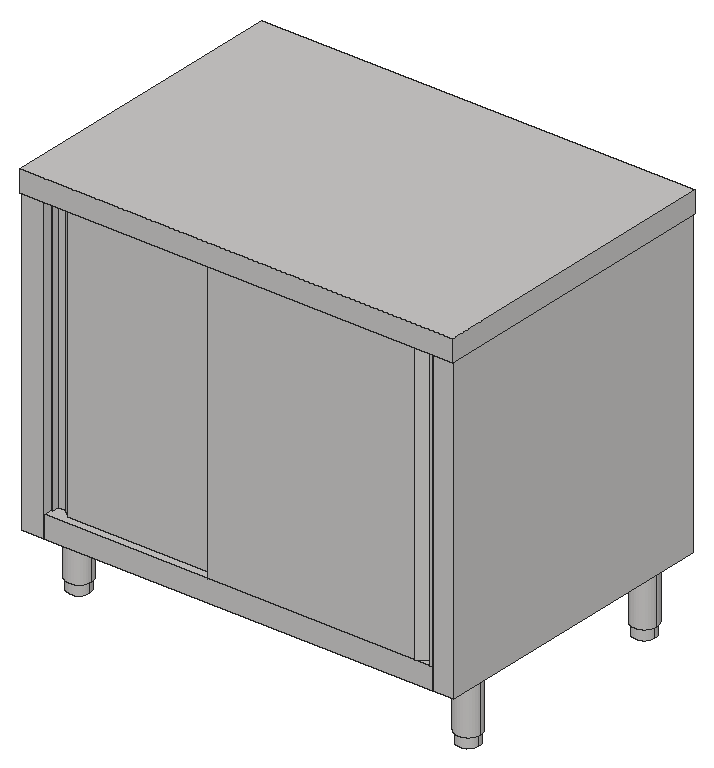
Revit family "QF_ELECTROLUXPROFESSIONAL_133245_MTND1000PN", category Attrezzature speciali, Revit 2020
Family settings
  Quota connettore circolare = Usa diametro
  Tipo di parte = Normale
  Basato su piano di lavoro = No
  Sempre verticale = Sì
  Taglio con vuoti quando caricato = No
  Condiviso = No
  Punto di calcolo locali = No
Parameters (values of type "Standard")
  Weight = 50.00 kg
  Watts = 0 W
  Volts = 0 V
  URL Manufacturer = "https://www.electroluxprofessional.com/"
  URL = "https://www.electroluxprofessional.com/"
  Steam Supply Size = 0 mm
  Steam Supply Minimum Pressure = 0.0 Pa
  Steam Supply Maximum Pressure = 0.0 Pa
  Steam Consumption per Hour = 0
  Refrigeration Suction Line Size = 0.0 mm
  Refrigeration Liquid Line Size = 0.0 mm
  Refrigerant Compressor Remote = yes
  Prospetto di default = 0.0 mm
  Produttore = "Electrolux Professional"
  Phase = 0
  Modello = "MTND1000PN"
  Length Actual = 1000.0 mm  # constant formula
  Item Number = "133245"
  Hot Water Size = 0 mm
  Height Actual = 900.0 mm  # constant formula
  HP = "0 HP"
  Gas Size = 0 mm
  Gas KW = 0
  Gas Input Pressure = 0 W
  Direct Waste Size = 0 mm
  Descrizione = "WORKTOP CUPB.PASSTH+SHELF+SLIDING D.1000"
  Depth Actual = 700.0 mm  # constant formula
  Cycle = 0 Hz
  Condensate Return Size = 0 mm
  Compressed Air Volume = 0.0 L/s
  Compressed Air Size = 0 mm
  Compressed Air Pressure = 0.0 Pa
  Cold Water Size = 0 mm
  Accessory = yes
Reference planes
  plane 1 "Center (Front/Back)": y = 0
  plane 2: z = 0
  plane 3 "Center (Left/Right)": x = 0
  plane 4 "LEFT": x = -500
  plane 5 "RIGHT": x = 500
  plane 6 "BACK": y = 350
  plane 7 "FRONT": y = -350
  plane 8 "Base": z = 850
  plane 9 "TOP": z = 900
  plane 10: x = -450
  plane 11: x = 450
  plane 12: y = 267
  plane 13: y = -241.9
  plane 14 "BodyLeft": x = -499
  plane 15 "BodyFront": y = -344.5
  plane 16 "BodyRight": x = 499
  plane 17 "BodyBack": y = 344.5
  plane 18 "FEET": z = 150
  plane 19: x = -70
  plane 20: x = 70
Forms (mm)
  Extrusion 1, solid, material "QF_Finishes_Stainless Steel"
    sketch origin (0, 0, 0) x (0, 1, 0) y (0, 0, 1)
      loop
        line (-350, 850) -> (350, 850) -> (350, 900) -> (-350, 900) -> (-350, 850)
    from 500 to -500
  Extrusion 2, solid, material "QF_Finishes_Stainless Steel"
    sketch origin (0, 0, 150) x (-1, 0, 0) y (0, -1, 0)
      loop
        line (499, -344.5) -> (499, 344.5) -> (449, 344.5) -> (449, -344.5) -> (499, -344.5)
      loop
        line (-449, -344.5) -> (-449, 344.5) -> (-499, 344.5) -> (-499, -344.5) -> (-449, -344.5)
    from 0 to 700
  Extrusion 3, solid, material "QF_Finishes_Stainless Steel"
    sketch origin (0, 0, 150) x (-1, 0, 0) y (0, -1, 0)
      loop
        line (449, -344.5) -> (449, 344.5) -> (-449, 344.5) -> (-449, -344.5) -> (449, -344.5)
    from 0 to 50
  Extrusion 4, solid, material "QF_Finishes_Stainless Steel"
    sketch origin (0, 0, 150) x (-1, 0, 0) y (0, -1, 0)
      loop
        line (-449, 344.5) -> (-449, 324.5) -> (70, 324.5) -> (70, 344.5) -> (-409, 344.5) -> (-429, 329.5) -> (-444, 329.5) -> (-444, 344.5) -> (-449, 344.5)
    from 50 to 700
  Extrusion 5, solid, material "QF_Finishes_Stainless Steel"
    sketch origin (0, 20, 150) x (1, 0, 0) y (0, 1, 0)
      loop
        line (-449, -344.5) -> (-444, -344.5) -> (-444, -329.5) -> (-429, -329.5) -> (-409, -344.5) -> (70, -344.5) -> (70, -324.5) -> (-449, -324.5) -> (-449, -344.5)
    from 50 to 700
  Extrusion 6, solid, material "QF_Finishes_Stainless Steel"
    sketch origin (0, 0, 150) x (-1, 0, 0) y (0, -1, 0)
      loop
        line (-447.6, -344.5) -> (-442.6, -344.5) -> (-442.6, -329.5) -> (-427.6, -329.5) -> (-407.6, -344.5) -> (-70, -344.5) -> (-70, -324.5) -> (-447.6, -324.5) -> (-447.6, -344.5)
    from 50 to 700
  Extrusion 7, solid, material "QF_Finishes_Stainless Steel"
    sketch origin (0, -20, 150) x (1, 0, 0) y (0, 1, 0)
      loop
        line (-447.6, 344.5) -> (-447.6, 324.5) -> (-70, 324.5) -> (-70, 344.5) -> (-407.6, 344.5) -> (-427.6, 329.5) -> (-442.6, 329.5) -> (-442.6, 344.5) -> (-447.6, 344.5)
    from 50 to 700
  Extrusion 8, solid, material "QF_Finishes_Stainless Steel"
    sketch origin (0, 0, 0) x (1, 0, 0) y (0, 1, 0)
      loop
        line (-449, -304.5) -> (449, -304.5) -> (449, 304.5) -> (-449, 304.5) -> (-449, -304.5)
    from 500 to 540
Lines and regions (mm)
  symbolic lines
    curve 1: line (500, 350, 900) -> (-500, 350, 900)
    curve 2: line (-500, 350, 900) -> (-500, -350, 900)
    curve 3: line (-500, -350, 900) -> (500, -350, 900)
    curve 4: line (500, -350, 900) -> (500, 350, 900)
  symbolic lines, style "SpecialityEquipmentHiddenLines"
    curve 5: line (-499, 344.5, 150) -> (499, 344.5, 150)
    curve 6: line (-499, -344.5, 150) -> (-499, 344.5, 150)
    curve 7: line (499, -344.5, 150) -> (-499, -344.5, 150)
    curve 8: line (499, 344.5, 150) -> (499, -344.5, 150)
    curve 9: line (-449, -304.5, 150) -> (70, -304.5, 150)
    curve 10: line (70, -304.5, 150) -> (70, -324.5, 150)
    curve 11: line (-449, -324.5, 150) -> (449, -324.5, 150)
    curve 12: line (449, -324.5, 150) -> (449, -344.5, 150)
    curve 13: line (-70, -324.5, 150) -> (-70, -344.5, 150)
    curve 14: line (-449, -304.5, 150) -> (-449, -324.5, 150)
Dimensions and locks
  plane 4 "LEFT" to plane 5 "RIGHT" = 1000.0 mm
  equal spacing: plane 4 "LEFT", plane 3 "Center (Left/Right)", plane 5 "RIGHT"
  locked: plane 8 "Base" to level at 850
  plane 9 "TOP" to level = 900.0 mm
  plane 6 "BACK" to plane 7 "FRONT" = 700.0 mm
  equal spacing: plane 6 "BACK", plane 1 "Center (Front/Back)", plane 7 "FRONT"
  locked: plane 4 "LEFT" to plane 14 "BodyLeft" at 1
  locked: plane 16 "BodyRight" to plane 5 "RIGHT" at 1
  locked: plane 15 "BodyFront" to plane 7 "FRONT" at 5.5
  locked: plane 6 "BACK" to plane 17 "BodyBack" at 5.5
  locked: plane 14 "BodyLeft" to plane 10 at 49
  locked: plane 11 to plane 16 "BodyRight" at 49
  locked: plane 13 to plane 15 "BodyFront" at 102.6
  locked: plane 17 "BodyBack" to plane 12 at 77.5
  plane 10 to plane 11 = 900.0 mm
  plane 12 to plane 13 = 508.9 mm
  locked: plane 14 "BodyLeft" to Extrusion 2 sketch curve at 50
  locked: Extrusion 2 sketch curve to Extrusion 2 sketch curve at 50
  locked: plane 3 "Center (Left/Right)" to plane 20 at 70
  locked: plane 19 to plane 3 "Center (Left/Right)" at 70
  locked: plane 18 "FEET" to level at 150
  aligned and locked: level to plane 2
  aligned and locked: plane 10 to nested 1
  aligned and locked: nested 1 to plane 13
  aligned and locked: plane 11 to nested 2
  aligned and locked: nested 2 to plane 13
  aligned and locked: plane 11 to nested 4
  aligned and locked: nested 4 to plane 12
  aligned and locked: plane 10 to nested 3
  aligned and locked: nested 3 to plane 12
  aligned and locked: Extrusion 1 to plane 4 "LEFT"
  aligned and locked: plane 5 "RIGHT" to Extrusion 1
  aligned and locked: curve 2 to plane 4 "LEFT"
  aligned and locked: plane 17 "BodyBack" to Extrusion 2 sketch curve
  aligned and locked: Extrusion 2 sketch curve to plane 15 "BodyFront"
  aligned and locked: Extrusion 2 sketch curve to plane 14 "BodyLeft"
  aligned and locked: plane 16 "BodyRight" to Extrusion 2 sketch curve
  aligned and locked: Extrusion 2 sketch curve to plane 17 "BodyBack"
  aligned and locked: plane 15 "BodyFront" to Extrusion 2 sketch curve
  aligned and locked: Extrusion 3 sketch curve to plane 17 "BodyBack"
  aligned and locked: plane 15 "BodyFront" to Extrusion 3 sketch curve
  aligned and locked: plane 8 "Base" to Extrusion 2
  aligned and locked: plane 8 "Base" to Extrusion 4
  aligned and locked: Extrusion 4 to Extrusion 3
  aligned and locked: Extrusion 1 to plane 8 "Base"
  aligned and locked: plane 9 "TOP" to Extrusion 1
  aligned and locked: curve 5 to plane 17 "BodyBack"
  aligned and locked: plane 14 "BodyLeft" to curve 6
  aligned and locked: plane 15 "BodyFront" to curve 7
  aligned and locked: plane 16 "BodyRight" to curve 8
  aligned and locked: Extrusion 3 to Extrusion 2  (x2)
  aligned and locked: Extrusion 8 sketch curve to Extrusion 7
  aligned and locked: Extrusion 8 sketch curve to Extrusion 2  (x2)
  aligned and locked: Extrusion 8 sketch curve to Extrusion 5
  aligned and locked: Extrusion 4 sketch curve to plane 19
  aligned and locked: Extrusion 5 sketch curve to plane 20
Automatic sketch dimensions
  curve 3 to plane 7 "FRONT" = 0.0 mm
  curve 4 to plane 6 "BACK" = 0.0 mm
  Extrusion 1 sketch curve to plane 7 "FRONT" = 0.0 mm
  Extrusion 1 sketch curve to plane 6 "BACK" = 0.0 mm
  Extrusion 1 sketch curve to plane 8 "Base" = 0.0 mm
  Extrusion 1 sketch curve to plane 9 "TOP" = 0.0 mm
  Extrusion 3 sketch curve to plane 11 = 1.0 mm
  plane 10 to Extrusion 3 sketch curve = 1.0 mm
  Extrusion 4 sketch curve to plane 15 "BodyFront" = 0.0 mm  (x2)
  Extrusion 4 sketch curve to plane 11 = 41.0 mm
  Extrusion 4 sketch curve to plane 11 = 21.0 mm
  Extrusion 4 sketch curve to plane 11 = 6.0 mm
  Extrusion 4 sketch curve to plane 11 = 1.0 mm
  plane 15 "BodyFront" to Extrusion 4 sketch curve = 15.0 mm
  plane 15 "BodyFront" to Extrusion 4 sketch curve = 20.0 mm
  Extrusion 5 sketch curve to plane 15 "BodyFront" = 20.0 mm  (x2)
  Extrusion 5 sketch curve to plane 10 = 41.0 mm
  Extrusion 5 sketch curve to plane 10 = 21.0 mm
  Extrusion 5 sketch curve to plane 10 = 6.0 mm
  Extrusion 5 sketch curve to plane 10 = 1.0 mm
  Extrusion 5 sketch curve to Extrusion 5 sketch curve = 15.0 mm
  Extrusion 5 sketch curve to Extrusion 5 sketch curve = 20.0 mm
  plane 19 to curve 10 = 140.0 mm
  curve 13 to plane 20 = 140.0 mm
  curve 11 to plane 11 = 1.0 mm
  plane 10 to curve 11 = 1.0 mm
  plane 15 "BodyFront" to curve 9 = 40.0 mm
  curve 12 to curve 12 = 20.0 mm
  Extrusion 6 sketch curve to plane 17 "BodyBack" = 0.0 mm  (x2)
  Extrusion 6 sketch curve to plane 20 = 0.0 mm
  plane 11 to Extrusion 6 sketch curve = 42.4 mm
  plane 11 to Extrusion 6 sketch curve = 22.4 mm
  plane 11 to Extrusion 6 sketch curve = 7.4 mm
  plane 11 to Extrusion 6 sketch curve = 2.4 mm
  plane 17 "BodyBack" to Extrusion 6 sketch curve = 15.0 mm
  plane 17 "BodyBack" to Extrusion 6 sketch curve = 20.0 mm
  Extrusion 7 sketch curve to plane 19 = 0.0 mm
  Extrusion 7 sketch curve to plane 17 "BodyBack" = 20.0 mm  (x2)
  plane 10 to Extrusion 7 sketch curve = 42.4 mm
  plane 10 to Extrusion 7 sketch curve = 22.4 mm
  plane 10 to Extrusion 7 sketch curve = 7.4 mm
  plane 10 to Extrusion 7 sketch curve = 2.4 mm
  Extrusion 7 sketch curve to Extrusion 7 sketch curve = 15.0 mm
  Extrusion 7 sketch curve to Extrusion 7 sketch curve = 20.0 mm
  curve 4 to plane 5 "RIGHT" = 0.0 mm
Nested families
  nested 1: "FEET_D58-150" at (-450, -241.9, 0), type "FEET_D58-150"
  nested 2: "FEET_D58-150" at (450, -241.9, 0), type "FEET_D58-150"
  nested 3: "FEET_D58-150" at (-450, 267, 0), type "FEET_D58-150"
  nested 4: "FEET_D58-150" at (450, 267, 0), type "FEET_D58-150"
Definition of nested family "FEET_D58-150"
  Parameters
    Default Elevation = 0.0 mm
    FEET = 150.0 mm
  Reference planes
    plane 1 "Center (Front/Back)": y = 0
    plane 2: z = 0
    plane 3 "Center (Left/Right)": x = 0
    plane 4: z = 150
  Forms (mm)
    Extrusion 1, solid
      sketch origin (0, 0, 0) x (1, 0, 0) y (0, 1, 0)
        loop
          circle (0, 0) r 25
      from 0 to 25
    Extrusion 2, solid
      sketch origin (0, 0, 0) x (1, 0, 0) y (0, 1, 0)
        loop
          circle (0.061, 0) r 29
      from 25 to 150 <- "FEET"
  Lines and regions (mm)
    symbolic lines
      curve 1: line (0, -1.503, 0) -> (0, 1.508, 0)
      curve 2: line (1.561, 0, 0) -> (-1.439, 0, 0)
  Dimensions and locks
    "FEET": plane 4 to plane 2
    aligned and locked: level to plane 2
  Automatic sketch dimensions
    plane 1 "Center (Front/Back)" to Extrusion 1 sketch curve = 0.0 mm
    Extrusion 1 sketch curve to plane 3 "Center (Left/Right)" = 0.0 mm
    plane 1 "Center (Front/Back)" to curve 2 = 0.0 mm
    curve 1 to plane 3 "Center (Left/Right)" = 0.0 mm
    curve 2 to plane 3 "Center (Left/Right)" = 1.439 mm
    plane 3 "Center (Left/Right)" to curve 2 = 1.561 mm
    plane 1 "Center (Front/Back)" to curve 1 = 1.503 mm
    curve 1 to plane 1 "Center (Front/Back)" = 1.508 mm
    plane 1 "Center (Front/Back)" to Extrusion 2 sketch curve = 0.0 mm
    plane 3 "Center (Left/Right)" to Extrusion 2 sketch curve = 0.061 mm
    radius of Extrusion 1 sketch curve = 25.0 mm
    radius of Extrusion 2 sketch curve = 29.0 mm
